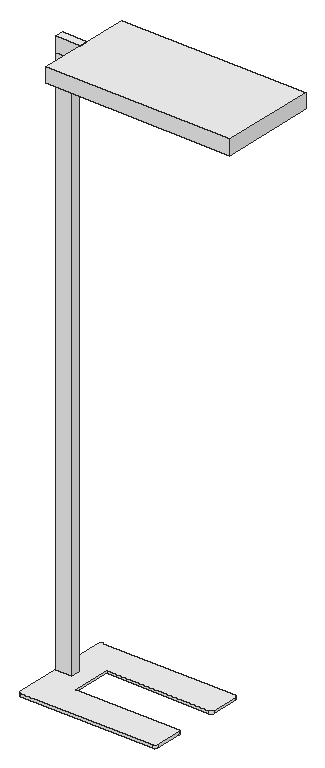
Revit family "Zumtobel EPURA", category Lighting Fixtures, Revit 2016
Family settings
  Part Type = Normal
  Round Connector Dimension = Use Diameter
  OmniClass Number = 23.80.70.11
  OmniClass Title = Luminaries for Internal Lighting
  Work Plane-Based = No
  Always vertical = Yes
  Cut with Voids When Loaded = No
  Light Source = Yes
  Shared = No
  Room Calculation Point = No
Parameters (values of type "EPURA Single Head")
  Width = 325.00 mm  # constant formula
  Wattage = 89.2004 W
  built-in parameter 1150110 = 1 (stored number, unit not read)
  Voltage = 230 V
  URL = "http://www.zumtobel.com/42187081"
  Type Comments = "© Zumtobel. We reserve the right to make technical changes without prior notice."  # constant formula
  built-in parameter 1114217 = 1 (stored number, unit not read)
  Tilt Angle = -90.00°  # constant formula
  built-in parameter 1150109 = 1 (stored number, unit not read)
  built-in parameter 1150134 = 12
  built-in parameter 1150113 = 1 (stored number, unit not read)
  Single Head = yes
  Photometric Web File = "TLG_SP_0044135.IES"
  Model = "42187081"
  Manufacturer = "Zumtobel Lighting"  # constant formula
  built-in parameter 1150105 = 4210.9 (stored number, unit not read)
  Lumens = 13250 lm
  built-in parameter 1150115 = 1 (stored number, unit not read)
  built-in parameter 1150137 = (empty or 0)
  built-in parameter 1150139 = (empty or 0)
  Length = 629.00 mm
  built-in parameter 1150112 = 1 (stored number, unit not read)
  built-in parameter 1150114 = 1 (stored number, unit not read)
  Lamp = "LED"
  built-in parameter 1150132 = 2
  built-in parameter 1150102 = (empty or 0)
  built-in parameter 1150107 = 4000 (stored number, unit not read)
  built-in parameter 1150138 = (empty or 0)
  built-in parameter 1150106 = 42.109 (stored number, unit not read)
  Height = 1946.00 mm  # constant formula
  Emit from Rectangle Width = 549.00 mm
  Emit from Rectangle Length = 245.00 mm
  Emit Shape Visible in Rendering = no
  built-in parameter 1150104 = 13.8 (stored number, unit not read)
  Double Head = not(Single Head)  # no
  Dimming Lamp Color Temperature Shift = <None>
  Description = "Free-standing luminaire"
  Cover = ZG_Waveguide_Self_llumination_Opaque
  Color Filter = 16777215
  Body = ZG_Metal_White
  built-in parameter 1114218 = 1 (stored number, unit not read)
  built-in parameter 1150133 = 10 (stored number, unit not read)
  Assembly Code = "D5020210"
  Apparent Load = 118 VA
Types (2, lengths in mm): name | URL | Single Head | Model | Length | Double Head | Apparent Load
  EPURA Single Head | "http://www.zumtobel.com/42187081" | yes | "42187081" | 629.00 | no | 118 VA
  EPURA Double Head | "http://www.zumtobel.com/42186985" | no | "42186985" | 1369.00 | yes | 236 VA
Reference planes
  plane 1: z = 0
  plane 2 "Electrical Connection": z = 8
  plane 3 "Top": z = 1946
  plane 4 "Center (Front/Back)": y = -155
  plane 5 "Center (Left/Right)": x = -200
  plane 6 "Back": y = 35
  plane 7 "Front": y = -345
  plane 8 "Leg Front": x = -172.5
  plane 9 "Cover": z = 1896
  plane 10: x = -227.5
  plane 11: y = 7.5
  plane 12: y = -317.5
  plane 13: z = 1901
  plane 14: x = -255.5
  plane 15: x = -144.5
  plane 16: x = 484.5
  plane 17: x = -884.5
Forms (mm)
  Extrusion 1, solid, material "ZG_Metal_White" <- "Body", visible <- "Single Head"
    sketch origin (0, 0, 0) x (1, 0, 0) y (0, 1, 0)
      loop
        arc (232, -89) -> (239.071, -86.071) -> (242, -79) r 10
        line (242, -79) -> (242, 10)
        arc (242, 10) -> (239.071, 17.071) -> (232, 20) r 10
        line (232, 20) -> (-217.5, 20)
        arc (-217.5, 20) -> (-224.571, 17.071) -> (-227.5, 10) r 10
        line (-227.5, 10) -> (-227.5, -320)
        arc (-227.5, -320) -> (-224.571, -327.071) -> (-217.5, -330) r 10
        line (-217.5, -330) -> (232, -330)
        arc (232, -330) -> (239.071, -327.071) -> (242, -320) r 10
        line (242, -320) -> (242, -231)
        arc (242, -231) -> (239.071, -223.929) -> (232, -221) r 10
        line (232, -221) -> (-117.5, -221) -> (-117.5, -89) -> (232, -89)
    from 0 to 8
  Extrusion 2, solid, material "ZG_Metal_White" <- "Body"
    sketch origin (0, 0, 0) x (1, 0, 0) y (0, 1, 0)
      loop
        line (-227.5, -140) -> (-227.5, -170) -> (-172.5, -170) -> (-172.5, -140) -> (-227.5, -140)
    from 8 to 1896
  Extrusion 3, solid, material "ZG_Metal_White" <- "Body"
    sketch origin (23, 0, 1896) x (-1, 0, 0) y (0, -1, 0)
      loop
        line (167.5, -7.5) -> (167.5, 317.5) -> (-461.5, 317.5) -> (-461.5, -7.5) -> (167.5, -7.5)
      loop
        line (127.5, 32.5) -> (127.5, 277.5) -> (-421.5, 277.5) -> (-421.5, 32.5) -> (127.5, 32.5)
    from 0 to 50
  Extrusion 4, solid, material "ZG_Metal_White" <- "Body"
    sketch origin (73, 0, 1896) x (-1, 0, 0) y (0, -1, 0)
      loop
        line (177.5, 32.5) -> (177.5, 277.5) -> (-371.5, 277.5) -> (-371.5, 32.5) -> (177.5, 32.5)
    from 5 to 50
  Extrusion 5, solid, material "ZG_Metal_White" <- "Body", visible <- "Double Head"
    sketch origin (-423, 0, 1896) x (1, 0, 0) y (0, 1, 0)
      loop
        line (167.5, 7.5) -> (-461.5, 7.5) -> (-461.5, -317.5) -> (167.5, -317.5) -> (167.5, 7.5)
      loop
        line (127.5, -32.5) -> (-421.5, -32.5) -> (-421.5, -277.5) -> (127.5, -277.5) -> (127.5, -32.5)
    from 0 to 50
  Extrusion 6, solid, material "ZG_Metal_White" <- "Body", visible <- "Double Head"
    sketch origin (-473, 0, 1896) x (1, 0, 0) y (0, 1, 0)
      loop
        line (177.5, -32.5) -> (-371.5, -32.5) -> (-371.5, -277.5) -> (177.5, -277.5) -> (177.5, -32.5)
    from 5 to 50
  Extrusion 7, solid, material "ZG_Metal_White" <- "Body", visible <- "Double Head"
    sketch origin (0, -155, 0) x (-1, 0, 0) y (0, 0, -1)
      loop
        line (255.5, -1896) -> (227.5, -1868) -> (227.5, -1896) -> (172.5, -1896) -> (172.5, -1868) -> (144.5, -1896) -> (144.5, -1946) -> (255.5, -1946) -> (255.5, -1896)
    from -15 to 15
  Extrusion 8, solid, material "ZG_Metal_White" <- "Body", visible <- "Single Head"
    sketch origin (0, -155, 0) x (-1, 0, 0) y (0, 0, -1)
      loop
        line (227.5, -1896) -> (172.5, -1896) -> (172.5, -1868) -> (144.5, -1896) -> (144.5, -1946) -> (227.5, -1946) -> (227.5, -1896)
    from -15 to 15
  Extrusion 9, solid, material "ZG_Metal_White" <- "Body", visible <- "Double Head"
    sketch origin (10.5, 0, 0) x (1, 0, 0) y (0, 1, 0)
      loop
        arc (232, -89) -> (239.071, -86.071) -> (242, -79) r 10
        line (242, -79) -> (242, 10)
        arc (242, 10) -> (239.071, 17.071) -> (232, 20) r 10
        line (232, 20) -> (-598, 20)
        arc (-598, 20) -> (-605.071, 17.071) -> (-608, 10) r 10
        line (-608, 10) -> (-608, -79)
        arc (-608, -79) -> (-605.071, -86.071) -> (-598, -89) r 10
        line (-598, -89) -> (-268, -89) -> (-268, -221) -> (-598, -221)
        arc (-598, -221) -> (-605.071, -223.929) -> (-608, -231) r 10
        line (-608, -231) -> (-608, -320)
        arc (-608, -320) -> (-605.071, -327.071) -> (-598, -330) r 10
        line (-598, -330) -> (232, -330)
        arc (232, -330) -> (239.071, -327.071) -> (242, -320) r 10
        line (242, -320) -> (242, -231)
        arc (242, -231) -> (239.071, -223.929) -> (232, -221) r 10
        line (232, -221) -> (-98, -221) -> (-98, -89) -> (232, -89)
    from 0 to 8
Cuts and joins
  joined: Extrusion 3, Extrusion 4
  joined: Extrusion 5, Extrusion 6
Lines and regions (mm)
  Masking region 1
    outline origin (0, 0, 1896) x (-1, 0, 0) y (0, -1, 0)
      loop
        line (227.5, 140) -> (227.5, 170) -> (172.5, 170) -> (172.5, 140) -> (227.5, 140)
  Masking region 2
    outline origin (0, 0, 1896) x (-1, 0, 0) y (0, -1, 0)
      loop
        line (172.5, -35) -> (172.5, 345) -> (-484.5, 345) -> (-484.5, -35) -> (172.5, -35)
  Masking region 3, visible <- "Double Head"
    outline origin (-400, 0, 1896) x (0, -1, 0) y (1, 0, 0)
      loop
        line (-35, 172.5) -> (-35, -484.5) -> (345, -484.5) -> (345, 172.5) -> (-35, 172.5)
  Masking region 4
    outline origin (0, 30, 1896) x (-1, 0, 0) y (0, -1, 0)
      loop
        line (227.5, 10) -> (227.5, 170) -> (172.5, 170) -> (172.5, 10) -> (227.5, 10)
      loop
        line (227.5, 360) -> (172.5, 360) -> (172.5, 200) -> (227.5, 200) -> (227.5, 360)
  symbolic lines, style "Zumtobel Lighting"
    curve 1: line (-172.5, 15, 1896) -> (-172.5, -345, 1896)
Dimensions and locks
  plane 3 "Top" to plane 9 "Cover" to plane 2 "Electrical Connection" = 50.00 mm locked, 1888.00 mm
  locked: plane 13 to plane 9 "Cover" at 5
  plane 3 "Top" to level = 1946.00 mm
  aligned: imposter light to plane 4 "Center (Front/Back)"
  aligned: imposter light to plane 5 "Center (Left/Right)"
  aligned and locked: plane 9 "Cover" to Extrusion 2
  aligned and locked: Extrusion 3 to plane 3 "Top"
  aligned and locked: imposter light to plane 13
Nested families
  nested 1: "EPURA Light Source" at (-570, -155, 1901) x (0, -1, 0) z (0, 0, 1), visible <- "Double Head", type "EPURA Light Source"
Connectors
  electrical at (-200, -155, 8), driven by "Apparent Load", driven by "Voltage"
    settings: index 1, voltage 230 V, apparent load 0 VA, apparent load phase1 118 VA, apparent load phase2 0 VA, apparent load phase3 0 VA, power factor 1, load classification "Lighting", number of poles 1, system type 31, power factor state 1, is connector primary yes, connector utility no, sub classification motor no, connector description ""
Definition of nested family "EPURA Light Source"
  Parameters (values of type "EPURA Light Source")
    Wattage = 89.2004 W
    built-in parameter 1150110 = 1 (stored number, unit not read)
    built-in parameter 1114217 = 1 (stored number, unit not read)
    Tilt Angle = -90.00°
    built-in parameter 1150109 = 1 (stored number, unit not read)
    built-in parameter 1150134 = 12
    built-in parameter 1150113 = 1 (stored number, unit not read)
    Photometric Web File = "TLG_SP_0044135.IES"
    Lumens = 13250 lm
    built-in parameter 1150115 = 1 (stored number, unit not read)
    built-in parameter 1150105 = 1054.4 (stored number, unit not read)
    built-in parameter 1150137 = (empty or 0)
    built-in parameter 1150139 = (empty or 0)
    built-in parameter 1150112 = 1 (stored number, unit not read)
    built-in parameter 1150114 = 1 (stored number, unit not read)
    built-in parameter 1150132 = 2
    built-in parameter 1150102 = (empty or 0)
    built-in parameter 1150138 = (empty or 0)
    built-in parameter 1150107 = 4000 (stored number, unit not read)
    built-in parameter 1150106 = 10.544 (stored number, unit not read)
    Emit from Rectangle Width = 549.00 mm
    Emit from Rectangle Length = 245.00 mm
    Emit Shape Visible in Rendering = no
    built-in parameter 1150104 = 13.8 (stored number, unit not read)
    Dimming Lamp Color Temperature Shift = (empty or 0)
    Color Filter = 16777215
    built-in parameter 1114218 = 1 (stored number, unit not read)
    built-in parameter 1150133 = 10 (stored number, unit not read)
  Reference planes
    plane 1 "Light Source Axis (F/B)": y = 0
    plane 2: z = 0
    plane 3 "Light Source Axis (L/R)": x = 0
    plane 4 "Light Source Elevation": z = 0
  Dimensions and locks
    aligned and locked: plane 3 "Light Source Axis (L/R)" to imposter light
    aligned and locked: plane 1 "Light Source Axis (F/B)" to imposter light
    aligned and locked: plane 4 "Light Source Elevation" to imposter light
    aligned and locked: level to plane 2
